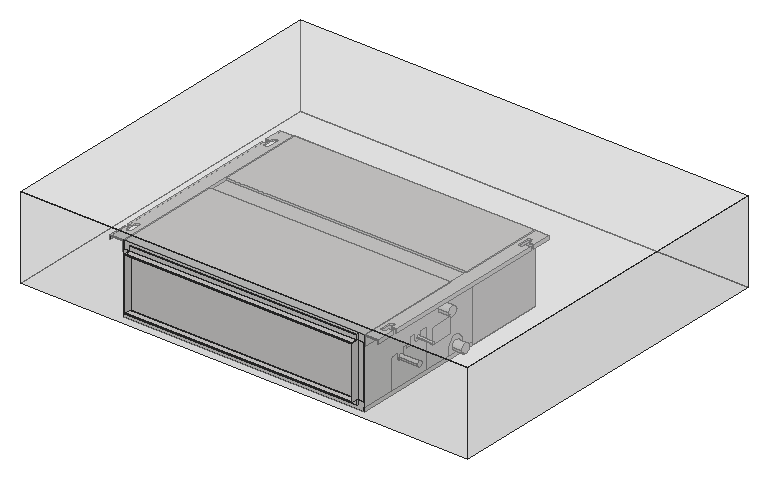
Revit family "outputfile", category 機械設備, Revit 2024
Family settings
  丸型コネクタ寸法 = 半径を使用
  パーツ タイプ = 標準
  OmniClass 番号 = 23.75.10.24.21.27.27
  OmniClass タイトル = Split System Air Conditioning Units
  作業面ベース = いいえ
  常に垂直 = はい
  ロード時にボイドで切り取り = いいえ
  注釈の向きを維持 = いいえ
  共有 = いいえ
  部屋計算ポイント = はい
Parameters (values of type "FXDQ20PDVM")
  書き出し IFC クラス(タイプ) = "IfcUnitaryEquipmentType"
  定義済み IFC タイプ(タイプ) = "AIRCONDITIONINGUNIT"
  ld_powersupply = Depth / 2  # 310.0 mm
  製造元 = "Daikin"
  モデル = "FXDQ20PDVM"
  r_Liquid Pipe Size = Liquid Pipe Size / 2  # 3.2 mm
  r_Gas Pipe Size = Gas Pipe Size / 2  # 6.35 mm
  r_Drain Pipe Size = Drain Pipe Size / 2  # 13.0 mm
  lw_powersupply = 50.0 mm  # constant formula
  lw_ductflange2 = 620.0 mm
  lw_Width = 660.0 mm
  lh_suctionflange [instance] = 100.0 mm  # constant formula
  ld_suctionflange [instance] = if(Rear Connection_Return Air, 190.0 mm, 100.0 mm)  # 190.0 mm
  angle_vertical_RA [instance] = if(Rear Connection_Return Air, 90.00°, 0.00°)  # 90.00°
  angle horizontal_RA [instance] = if(Rear Connection_Return Air, 180.00°, 270.00°)  # 180.00°
  Voltage_comment_60Hz = "220-240"
  Voltage_comment_50Hz = "220-240"
  Voltage_60Hz = 220 V
  Voltage_50Hz = 220 V
  Supply Air Direction [instance] = yes
  Rear Connection_Return Air [instance] = not(Bottom Connection_Return Air)  # yes
  RA_length [instance] = if(Rear Connection_Return Air, 190.0 mm, 100.0 mm)  # 190.0 mm
  Phase_60Hz = 1
  Phase_50Hz = 1
  Minimum External Static Pressure = 10.00 Pa
  Minimum Circuit Amps_60Hz = 0.8 A
  Minimum Circuit Amps_50Hz = 0.8 A
  Maximum Fuse Amps_60Hz = 16.0 A
  Maximum Fuse Amps_50Hz = 16.0 A
  Maximum External Static Pressure = 30.00 Pa
  Material_Casing = DAIKIN_GalvanizedSteel_Casing_indoorunit
  lw_liquidpipe = 46.0 mm  # constant formula
  lw_gaspipe = 57.0 mm  # constant formula
  lw_mountinghole = 740.0 mm
  lw_drainpipe = 33.0 mm  # constant formula
  lh_powersupply = 150.0 mm  # constant formula
  lh_liquidpipe = 90.0 mm  # constant formula
  lh_gaspipe = 113.0 mm  # constant formula
  lh_mountinghole = Height  # 200.0 mm
  lh_drainpipe = 50.0 mm  # constant formula
  lh_antena = 1.0 mm  # constant formula
  ld_liquidpipe = 193.0 mm  # constant formula
  ld_gaspipe = 130.0 mm  # constant formula
  ld_mountinghole = 500.0 mm  # constant formula
  ld_drainpipe = 280.0 mm  # constant formula
  ld_controlbox = 626.0 mm  # constant formula
  h*** = 0.0 mm  # constant formula
  d_dischargeflange = 21.2 mm  # constant formula
  Width = 700.0 mm
  Version = "ver.1.0"
  Unit Type = "Duct_Slim"
  Unit Mass Weight = 23.00 kg
  Unit Designation [instance] = ""
  Uniclass2015Version = "Products v1.30"
  Uniclass2015Title = "Variable refrigerant flow units"
  Uniclass2015Code = "Pr_70_65_03_94"
  Total Heating Capacity [instance] = 0.000 kW
  Total Cooling Capacity [instance] = 0.000 kW
  Sound Pressure Level_L speed (dBA) = 29
  Sound Pressure Level_H speed (dBA) = 31
  Series = "VRV Fan Coil Unit"
  Sensible Cooling Capacity [instance] = 0.000 kW
  SA Duct Size Width = 660.0 mm
  SA Duct Size Height = 153.0 mm
  Refrigerant Type = "R410A"
  RA Duct Size Width = 580.0 mm
  RA Duct Size Height = 160.0 mm
  Power Input (Heating) = 0.067 kW
  Power Input (Cooling) = 0.086 kW
  Option Accessory 3 [instance] = ""
  Option Accessory 2 [instance] = ""
  Option Accessory 1 [instance] = ""
  Nominal Heating Capacity = 2.500 kW
  Nominal Cooling Capacity = 2.200 kW
  Minimum Airflow = 384.00 m³/h
  Median Airflow = 0.00 m³/h
  Maximum Airflow = 432.00 m³/h
  Load Classification = HVAC
  Liquid Pipe Size = 6.4 mm
  Link_Nested Family [instance] = ""
  IfcVersion = ""
  IfcExportType = "AIRCONDITIONINGUNIT"
  IfcExportAs = "IfcUnitaryEquipmentType"
  Height = 200.0 mm
  Heating Entering Wet Bulb Temperature [instance] = 0.00 °C
  Heating Entering Dry Bulb Temperature [instance] = 0.00 °C
  Heating Ambient Wet Bulb Temperature [instance] = 0.00 °C
  Heating Ambient Dry Bulb Temperature [instance] = 0.00 °C
  Heat Exchanger Type = "Cross Fin Coil"
  Gas Pipe Size = 12.7 mm
  Frequency_60Hz = 60 Hz
  Frequency_50Hz = 50 Hz
  Fan Type = "Sirocco Fan"
  Fan Drive = "Direct Drive"
  FCU Tag No. [instance] = ""
  Drain Pipe Size = 26.0 mm
  Design Supply Airflow [instance] = 0.00 m³/h
  Design Return Airflow [instance] = 0.00 m³/h
  Design External Static Pressure [instance] = 0.00 Pa
  Depth = 620.0 mm
  既定の高さ = 0.0 mm
  Cooling Entering Wet Bulb Temperature [instance] = 0.00 °C
  Cooling Entering Dry Bulb Temperature [instance] = 0.00 °C
  Cooling Ambient Wet Bulb Temperature [instance] = 0.00 °C
  Cooling Ambient Dry Bulb Temperature [instance] = 0.00 °C
  Clearance visibility [instance] = yes
  Clearance Top = 20.0 mm
  Clearance Right = 300.0 mm
  Clearance Rear = 400.0 mm
  Clearance Left = 300.0 mm
  Clearance Front = 0.0 mm
  Clearance Bottom = 20.0 mm
  Bottom Connection_Return Air [instance] = no
Reference planes
  plane 1 "Center (Front/Back)": y = 0
  plane 2: z = 0
  plane 3 "Center (Left/Right)": x = 0
  plane 4 "Back": y = 310
  plane 5 "Front": y = -310
  plane 6 "Left": x = -350
  plane 7 "Right": x = 350
  plane 8 "Top": z = 0
  plane 9 "Bottom": z = -200
  plane 10: x = -370
  plane 11: x = 370
  plane 12: y = 250
  plane 13: z = 0
  plane 14 "Clearance Left": x = -650
  plane 15 "Clearance Right": x = 650
  plane 16 "Clearance Rear": y = 710
  plane 17 "Clearance Front": y = -310
  plane 18 "Clearance Top": z = 20
  plane 19 "Clearance Bottom": z = -220
  plane 20: y = -250
  plane 21: z = -21
  plane 22: z = -97.5
  plane 23: x = -40
  plane 24: y = 120
  plane 25: z = -100
  plane 26: y = -180
  plane 27: z = -113
  plane 28: y = -117
  plane 29: z = -90
  plane 30: y = 20
  plane 31: z = -170
  plane 32: x = 407
  plane 33: x = 396
  plane 34: x = 380
  plane 35: x = 300
  plane 36: z = -150
  plane 37: y = -30
  plane 38: z = -50
  plane 39: x = 383
Forms (mm)
  Extrusion 1, solid, material "DAIKIN_GalvanizedSteel_Casing_indoorunit" <- "Material_Casing"
    sketch origin (0, 0, 0) x (1, 0, 0) y (0, 1, 0)
      loop
        line (-350, -310) -> (350, -310) -> (350, 310) -> (-350, 310) -> (-350, -310)
    from -200 to 0
  Extrusion 2, void
    sketch origin (0, 0, 1) x (1, 0, 0) y (0, 1, 0)
      loop
        line (-350, 61.5) -> (-350, 3.5) -> (350, 3.5) -> (350, 61.5) -> (-350, 61.5)
    from -1 to -7
  Extrusion 3, solid, material "DAIKIN_GalvanizedSteel_Casing_indoorunit" <- "Material_Casing", visible <- "Bottom Connection_Return Air"
    sketch origin (0, 0, 0) x (1, 0, 0) y (0, 0, 1)
      loop
        line (-330, -180) -> (250, -180) -> (250, -20) -> (-330, -20) -> (-330, -180)
    from -310 to -309
  Extrusion 4, solid, material "DAIKIN_GalvanizedSteel_Casing_indoorunit" <- "Material_Casing", visible <- "Rear Connection_Return Air"
    sketch origin (0, 0, 0) x (1, 0, 0) y (0, 1, 0)
      loop
        line (-330, 290) -> (-330, 130) -> (250, 130) -> (250, 290) -> (-330, 290)
    from -200 to -199
  Extrusion 5, solid, material "DAIKIN_GalvanizedSteel_Casing_indoorunit" <- "Material_Casing"
    sketch origin (350, 0, 0) x (0, 1, 0) y (0, 0, 1)
      loop
        circle (-180, -113) r 6.35
    from 0 to 57
  Extrusion 6, solid, material "DAIKIN_GalvanizedSteel_Casing_indoorunit" <- "Material_Casing"
    sketch origin (350, 0, 0) x (0, 1, 0) y (0, 0, 1)
      loop
        circle (-117, -90) r 3.2
    from 0 to 46
  Extrusion 7, solid, material "DAIKIN_GalvanizedSteel_Casing_indoorunit" <- "Material_Casing"
    sketch origin (350, 0, 0) x (0, 1, 0) y (0, 0, 1)
      loop
        circle (20, -170) r 13
    from 0 to 30
  Extrusion 8, solid, material "DAIKIN_GalvanizedSteel_Casing_indoorunit" <- "Material_Casing"
    sketch origin (350, 0, 0) x (0, 1, 0) y (0, 0, 1)
      loop
        line (-310, -200) -> (78.6, -200) -> (78.6, -193)
        arc (78.6, -193) -> (77.721, -190.879) -> (75.6, -190) r 3
        line (75.6, -190) -> (-310, -190) -> (-310, -200)
    from 0 to -1
  Extrusion 9, solid, material "DAIKIN_GalvanizedSteel_Casing_indoorunit" <- "Material_Casing"
    sketch origin (350, 0, 0) x (0, 1, 0) y (0, 0, 1)
      loop
        line (-211.008, -190) -> (-86.594, -190) -> (-86.594, -80) -> (-105, -80) -> (-105, -90)
        arc (-105, -90) -> (-117, -102) -> (-129, -90) r 12
        line (-129, -90) -> (-129, -80) -> (-140.087, -80) -> (-140.087, -103.199) -> (-158.085, -103.199) -> (-158.085, -95.501) -> (-166.014, -95.501) -> (-166.014, -112.698) -> (-168.672, -112.698)
        arc (-168.672, -112.698) -> (-179.849, -124.331) -> (-191.332, -113) r 11.332
        line (-191.332, -113) -> (-191.332, -103.001) -> (-211.008, -103.001) -> (-211.008, -190)
    from 0 to -1
  Extrusion 10, solid, material "DAIKIN_GalvanizedSteel_Casing_indoorunit" <- "Material_Casing"
    sketch origin (350, 0, 0) x (0, 1, 0) y (0, 0, 1)
      loop
        arc (44.5, -170) -> (20, -145.5) -> (-4.5, -170) r 24.5
        line (-4.5, -170) -> (-4.5, -190) -> (44.5, -190) -> (44.5, -170)
    from 0 to -1
  Extrusion 11, solid, material "DAIKIN_GalvanizedSteel_Casing_indoorunit" <- "Material_Casing"
    sketch origin (350, 0, 0) x (0, 1, 0) y (0, 0, 1)
      loop
        arc (86.6, -22) -> (84.479, -22.879) -> (83.6, -25) r 3
        line (83.6, -25) -> (83.6, -194.5)
        arc (83.6, -194.5) -> (84.479, -196.621) -> (86.6, -197.5) r 3
        line (86.6, -197.5) -> (307, -197.5)
        arc (307, -197.5) -> (309.121, -196.621) -> (310, -194.5) r 3
        line (310, -194.5) -> (310, -25)
        arc (310, -25) -> (309.121, -22.879) -> (307, -22) r 3
        line (307, -22) -> (86.6, -22)
    from 0 to -1
  Extrusion 12, solid, material "DAIKIN_GalvanizedSteel_Casing_indoorunit" <- "Material_Casing"
    sketch origin (350, 475, 0) x (0, 1, 0) y (0, 0, 1)
      loop
        circle (-505, -50) r 13
    from 0 to 33
  Extrusion 13, solid, material "DAIKIN_GalvanizedSteel_Casing_indoorunit" <- "Material_Casing"
    sketch origin (350, 0, 75) x (0, 1, 0) y (0, 0, 1)
      loop
        line (-62, -165) -> (-62, -211) -> (2, -211) -> (2, -165) -> (-62, -165)
    from 0 to -1
Cuts and joins
  Extrusion 2 cuts Extrusion 1
Dimensions and locks
  "Height": plane 8 "Top" to plane 9 "Bottom"
  equal spacing: plane 10, plane 3 "Center (Left/Right)", plane 11
  "lw_mountinghole": plane 10 to plane 11
  equal spacing: plane 6 "Left", plane 3 "Center (Left/Right)", plane 7 "Right"
  "Width": plane 6 "Left" to plane 7 "Right"
  "Clearance Right": plane 7 "Right" to plane 15 "Clearance Right"
  "Clearance Left": plane 14 "Clearance Left" to plane 6 "Left"
  "Clearance Rear": plane 16 "Clearance Rear" to plane 4 "Back"
  "Clearance Front": plane 5 "Front" to plane 17 "Clearance Front"
  "Clearance Top": plane 18 "Clearance Top" to plane 8 "Top"
  "Clearance Bottom": plane 9 "Bottom" to plane 19 "Clearance Bottom"
  "Depth": plane 4 "Back" to plane 5 "Front"
  equal spacing: plane 4 "Back", plane 1 "Center (Front/Back)", plane 5 "Front"
  locked: plane 20 to plane 5 "Front" at 60
  "ld_mountinghole": plane 12 to plane 20
  locked: plane 8 "Top" to plane 21 at 21
  locked: plane 23 to plane 3 "Center (Left/Right)" at 40
  "ld_suctionflange": plane 4 "Back" to plane 24
  "lh_suctionflange": plane 8 "Top" to plane 25
  "ld_gaspipe": plane 26 to plane 5 "Front"
  "lh_gaspipe": plane 8 "Top" to plane 27
  "ld_liquidpipe": plane 28 to plane 5 "Front"
  "lh_liquidpipe": plane 8 "Top" to plane 29
  locked: plane 30 to plane 5 "Front" at 330
  locked: plane 8 "Top" to plane 31 at 170
  "lw_gaspipe": plane 7 "Right" to plane 32
  "lw_liquidpipe": plane 7 "Right" to plane 33
  locked: plane 7 "Right" to plane 34 at 30
  "lw_powersupply": plane 35 to plane 7 "Right"
  "lh_powersupply": plane 8 "Top" to plane 36
  "ld_drainpipe": plane 37 to plane 5 "Front"
  "lh_drainpipe": plane 8 "Top" to plane 38
  "lw_drainpipe": plane 7 "Right" to plane 39
  equal spacing: Extrusion 13 sketch curve, plane 37, Extrusion 13 sketch curve
  locked: Extrusion 13 sketch curve to Extrusion 13 sketch curve at 64
  locked: Extrusion 13 sketch curve to Extrusion 13 sketch curve at 46
  locked: Extrusion 13 sketch curve to plane 9 "Bottom" at 64
  "r_Gas Pipe Size": radius of Extrusion 5 sketch curve
  "r_Liquid Pipe Size": radius of Extrusion 6 sketch curve
  radius of Extrusion 7 sketch curve = 13.0 mm
  "r_Drain Pipe Size": radius of Extrusion 12 sketch curve
  aligned and locked: level to plane 2
  aligned and locked: Extrusion 1 to plane 9 "Bottom"
  aligned and locked: plane 8 "Top" to Extrusion 1
  aligned and locked: plane 11 to nested 2
  aligned and locked: plane 10 to nested 3
  aligned and locked: plane 10 to nested 4
  aligned and locked: plane 8 "Top" to Extrusion 2
  aligned and locked: plane 9 "Bottom" to Extrusion 4  (x2)
  aligned and locked: plane 7 "Right" to cut or joined group of Extrusion 1, Extrusion 2  (x2)
  aligned and locked: plane 3 "Center (Left/Right)" to nested 9
  aligned and locked: plane 6 "Left" to nested 7
  aligned and locked: plane 8 "Top" to nested 9
  aligned and locked: plane 11 to nested 1
  aligned and locked: nested 6 to plane 1 "Center (Front/Back)"
  aligned and locked: plane 3 "Center (Left/Right)" to nested 6
  aligned and locked: level to plane 8 "Top"
  aligned and locked: plane 1 "Center (Front/Back)" to nested 9
  aligned and locked: plane 5 "Front" to nested 10
  aligned and locked: Extrusion 1 sketch curve to plane 5 "Front"
  aligned and locked: plane 21 to nested 10
  aligned and locked: nested 5 to plane 5 "Front"
  aligned and locked: plane 3 "Center (Left/Right)" to nested 5
  aligned and locked: plane 22 to nested 5
  aligned and locked: Extrusion 2 sketch curve to plane 6 "Left"
  aligned and locked: plane 7 "Right" to Extrusion 2 sketch curve
  aligned and locked: nested 11 to plane 23
  aligned and locked: nested 11 to plane 24
  aligned and locked: plane 27 to Extrusion 5 sketch curve
  aligned and locked: plane 26 to Extrusion 5 sketch curve
  aligned and locked: plane 28 to Extrusion 6 sketch curve
  aligned and locked: plane 29 to Extrusion 6 sketch curve
  aligned and locked: plane 31 to Extrusion 7 sketch curve
  aligned and locked: plane 30 to Extrusion 7 sketch curve
  aligned and locked: plane 26 to nested 12
  aligned and locked: nested 12 to plane 27
  aligned and locked: plane 32 to Extrusion 5
  aligned and locked: plane 32 to nested 12
  aligned and locked: plane 33 to Extrusion 6
  aligned and locked: plane 28 to nested 13
  aligned and locked: nested 13 to plane 29
  aligned and locked: plane 33 to nested 13
  aligned and locked: plane 34 to Extrusion 7
  aligned and locked: plane 30 to nested 14
  aligned and locked: nested 14 to plane 31
  aligned and locked: plane 34 to nested 14
  aligned and locked: Extrusion 8 sketch curve to plane 9 "Bottom"
  aligned and locked: Extrusion 8 sketch curve to plane 5 "Front"
  aligned and locked: plane 14 "Clearance Left" to nested 15
  aligned and locked: plane 15 "Clearance Right" to nested 15
  aligned and locked: plane 16 "Clearance Rear" to nested 15
  aligned and locked: nested 15 to plane 17 "Clearance Front"
  aligned and locked: nested 15 to plane 18 "Clearance Top"
  aligned and locked: nested 15 to plane 19 "Clearance Bottom"
  aligned and locked: nested 16 to plane 35
  aligned and locked: nested 16 to plane 36
  aligned and locked: plane 4 "Back" to nested 16
  aligned and locked: plane 37 to Extrusion 12 sketch curve
  aligned and locked: plane 38 to Extrusion 12 sketch curve
  aligned and locked: plane 39 to Extrusion 12
  aligned and locked: Extrusion 4 sketch curve to nested 8  (x4)
  aligned and locked: Extrusion 3 sketch curve to nested 7  (x4)
Automatic sketch dimensions
  Extrusion 1 sketch curve to plane 4 "Back" = 0.0 mm
  Extrusion 1 sketch curve to plane 6 "Left" = 0.0 mm
  Extrusion 1 sketch curve to plane 7 "Right" = 0.0 mm
  Extrusion 2 sketch curve to plane 1 "Center (Front/Back)" = 3.5 mm
  plane 30 to Extrusion 2 sketch curve = 41.5 mm
  plane 9 "Bottom" to Extrusion 8 sketch curve = 7.0 mm
  Extrusion 8 sketch curve to plane 24 = 44.4 mm
  Extrusion 8 sketch curve to Extrusion 8 sketch curve = 3.0 mm
  Extrusion 9 sketch curve to plane 27 = 0.0 mm
  Extrusion 9 sketch curve to plane 26 = 0.0 mm
  Extrusion 9 sketch curve to plane 29 = 0.0 mm
  Extrusion 9 sketch curve to plane 28 = 0.0 mm
  Extrusion 9 sketch curve to Extrusion 9 sketch curve = 11.332 mm
  plane 9 "Bottom" to Extrusion 9 sketch curve = 10.0 mm
  Extrusion 9 sketch curve to plane 26 = 31.008 mm
  plane 27 to Extrusion 9 sketch curve = 0.302 mm
  Extrusion 9 sketch curve to Extrusion 9 sketch curve = 2.658 mm
  plane 22 to Extrusion 9 sketch curve = 1.999 mm
  Extrusion 9 sketch curve to Extrusion 9 sketch curve = 7.929 mm
  Extrusion 9 sketch curve to plane 25 = 3.199 mm
  Extrusion 9 sketch curve to Extrusion 9 sketch curve = 17.998 mm
  Extrusion 9 sketch curve to Extrusion 9 sketch curve = 11.087 mm
  plane 28 to Extrusion 9 sketch curve = 30.406 mm
  Extrusion 9 sketch curve to plane 25 = 3.001 mm
  plane 29 to Extrusion 9 sketch curve = 10.0 mm  (x2)
  Extrusion 10 sketch curve to plane 31 = 0.0 mm
  Extrusion 10 sketch curve to plane 30 = 0.0 mm
  plane 1 "Center (Front/Back)" to Extrusion 10 sketch curve = 4.5 mm
  plane 9 "Bottom" to Extrusion 10 sketch curve = 10.0 mm
  Extrusion 11 sketch curve to plane 4 "Back" = 0.0 mm
  Extrusion 11 sketch curve to Extrusion 11 sketch curve = 3.0 mm  (x2)
  Extrusion 11 sketch curve to plane 21 = 1.0 mm
  Extrusion 11 sketch curve to plane 4 "Back" = 3.0 mm
  Extrusion 11 sketch curve to plane 21 = 4.0 mm
  Extrusion 11 sketch curve to plane 24 = 33.4 mm
  plane 9 "Bottom" to Extrusion 11 sketch curve = 5.5 mm
Nested families
  nested 1: "daikin_mountinghole" at (370, 250, -200), l_antenna <- "lh_antena", Link_Nested Family <- "Link_Nested Family", h_mountinghole <- "lh_mountinghole", type "daikin_mountinghole"
    with show yes, l_antenna 1.0 mm, h_mountinghole 200.0 mm, Link_Nested Family ""
  nested 2: "daikin_mountinghole" at (370, -250, -200), Link_Nested Family <- "Link_Nested Family", l_antenna <- "lh_antena", h_mountinghole <- "lh_mountinghole", type "daikin_mountinghole"
    with show yes, l_antenna 1.0 mm, h_mountinghole 200.0 mm, Link_Nested Family ""
  nested 3: "daikin_mountinghole" at (-370, -250, -200), l_antenna <- "lh_antena", Link_Nested Family <- "Link_Nested Family", h_mountinghole <- "lh_mountinghole", type "daikin_mountinghole"
    with show yes, l_antenna 1.0 mm, h_mountinghole 200.0 mm, Link_Nested Family ""
  nested 4: "daikin_mountinghole" at (-370, 250, -200), l_antenna <- "lh_antena", Link_Nested Family <- "Link_Nested Family", h_mountinghole <- "lh_mountinghole", type "daikin_mountinghole"
    with show yes, l_antenna 1.0 mm, h_mountinghole 200.0 mm, Link_Nested Family ""
  nested 5: "daikin_connector_rotate2" at (0, -310, -97.5), length <- "d_dischargeflange", type "daikin_connector_rotate2"
    with radius 10.0 mm, length 21.2 mm, angle_vertical 90.00°, show_face no
  nested 6: "daikin_△_symbolicline" at (-75, -129.904, 200) x (-0.5, 0.866, 0) z (0, 0, 1), built-in parameter 1001364 <- "Height", visible <- "Supply Air Direction", type "daikin_△_symbolicline"
    with length 300.0 mm
  nested 7: "daikin_ductflange_FXDQ-PDVM_1" at (-40, 310, -100), visible <- "Rear Connection_Return Air", material <- "Material_Casing", width <- "lw_ductflange2", type "daikin_ductflange_FXDQ-PDVM_1"
    with width 620.0 mm, material DAIKIN_GalvanizedSteel_Casing_indoorunit, height 180.0 mm, depth 21.2 mm
  nested 8: "daikin_ductflange_FXDQ-PDVM_1" at (-40, 210, -200) x (1, 0, 0) z (0, 1, 0), visible <- "Bottom Connection_Return Air", material <- "Material_Casing", width <- "lw_ductflange2", type "daikin_ductflange_FXDQ-PDVM_1"
    with width 620.0 mm, material DAIKIN_GalvanizedSteel_Casing_indoorunit, height 180.0 mm, depth 21.2 mm
  nested 9: "daikin_hangerfixture_FXDQ-PDVM" at (0, 0, 0), type "daikin_hangerfixture_FXDQ-PDVM"
  nested 10: "daikin_ductflange_FXDQ-PDVM" at (0, 3.5, -364.201), width <- "lw_Width", material <- "Material_Casing", type "daikin_ductflange_FXDQ-PDVM"
    with width 660.0 mm, material DAIKIN_GalvanizedSteel_Casing_indoorunit, height 155.0 mm, depth 21.2 mm
  nested 11: "daikin_connector_rotate3" at (-40, 120, -100), length <- "RA_length", angle_vertical <- "angle_vertical_RA", angle_horizontal <- "angle horizontal_RA", type "daikin_connector_rotate3"
    with show no, radius 10.0 mm, length 190.0 mm, angle_vertical 90.00°, angle_horizontal 180.00°
  nested 12: "daikin_connector_rotate2" at (350, -180, -113) x (0, 1, 0) z (0, 0, 1), length <- "lw_gaspipe", radius <- "r_Gas Pipe Size", type "daikin_connector_rotate2"
    with radius 6.35 mm, length 57.0 mm, angle_vertical 90.00°, show_face no
  nested 13: "daikin_connector_rotate2" at (350, -117, -90) x (0, 1, 0) z (0, 0, 1), radius <- "r_Liquid Pipe Size", length <- "lw_liquidpipe", type "daikin_connector_rotate2"
    with radius 3.2 mm, length 46.0 mm, angle_vertical 90.00°, show_face no
  nested 14: "daikin_connector_rotate2" at (347, 20, -170) x (0, 1, 0) z (0, 0, 1), radius <- "r_Drain Pipe Size", length <- "lw_drainpipe", type "daikin_connector_rotate2"
    with radius 13.0 mm, length 33.0 mm, angle_vertical 90.00°, show_face no
  nested 15: "daikin_clearancespace" at (0, 200, -99.881), visible <- "Clearance visibility", Link_Nested Family <- "Link_Nested Family", show <- "Clearance visibility", type "daikin_clearancespace"
    with width 1300.0 mm, show yes, height 240.0 mm, depth 1020.0 mm, Link_Nested Family ""
  nested 16: "daikin_connector_rotate2" at (300, 0, -150) x (-1, 0, 0) z (0, 0, 1), length <- "ld_powersupply", type "daikin_connector_rotate2"
    with radius 10.0 mm, length 310.0 mm, angle_vertical 90.00°, show_face no
Connectors
  hvac at (0, -331.2, -97.5), driven by "SA Duct Size Height", driven by "SA Duct Size Width"
    settings: on nested 5, index 1, duct flow 0.00 m³/h, flow factor 0, pres drop 0.00 Pa, loss coef 0, conn angle 0.00°, conn width 660.0 mm, conn height 153.0 mm, conn diameter 609.6 mm, duct sys type 1, conn prof type 1, flow config 0, flow direction 2, loss method 4, conn ref index -1, conn util no, is conn primary yes, conn desc "SA Duct"
  hvac at (-40, 310, -100), driven by "RA Duct Size Height", driven by "RA Duct Size Width"
    settings: on nested 11, index 2, duct flow 0.00 m³/h, flow factor 0, pres drop 0.00 Pa, loss coef 0, conn angle 0.00°, conn width 580.0 mm, conn height 160.0 mm, conn diameter 609.6 mm, duct sys type 2, conn prof type 1, flow config 0, flow direction 1, loss method 4, conn ref index -1, conn util no, is conn primary no, conn desc "RA Duct"
  piping at (407, -180, -113), diameter 12.7, driven by "r_Gas Pipe Size"
    settings: on nested 12, index 3, connector inside diameter 609.6 mm, connector length 0.0 mm, flow factor 0, pipe flow 0.00 m³/h, pressure drop 0.0 Pa, fitting loss kfactor 0, connector angle 0.00°, fixture units 0, engagement length 0.0 mm, angle of deflection 0.00°, flow configuration 1, flow direction 2, fitting loss method 0, system type 29, joint type 0, gender type 0, connector reference index -1, connector utility 0, adjustable connector no, is connector primary yes, connector description "Refrigerant Gas Piping"
  piping at (396, -117, -90), diameter 6.4, driven by "r_Liquid Pipe Size"
    settings: on nested 13, index 4, connector inside diameter 609.6 mm, connector length 0.0 mm, flow factor 0, pipe flow 0.00 m³/h, pressure drop 0.0 Pa, fitting loss kfactor 0, connector angle 0.00°, fixture units 0, engagement length 0.0 mm, angle of deflection 0.00°, flow configuration 1, flow direction 1, fitting loss method 0, system type 29, joint type 0, gender type 0, connector reference index -1, connector utility 0, adjustable connector no, is connector primary no, connector description "Refrigerant Liquid Piping"
  electrical at (300, 310, -150), driven by "Load Classification"
    settings: on nested 16, index 6, voltage 0 V, apparent load 0 VA, apparent load phase1 0 VA, apparent load phase2 0 VA, apparent load phase3 0 VA, power factor 1, load classification "HVAC", number of poles 1, system type 30, power factor state 1, is connector primary yes, connector utility no, sub classification motor no, connector description "Power Supply"
  piping at (383, -30, -50), diameter 26, driven by "r_Drain Pipe Size"
    settings: on Extrusion 12, index 7, connector inside diameter 609.6 mm, connector length 0.0 mm, flow factor 0, pipe flow 0.00 m³/h, pressure drop 0.0 Pa, fitting loss kfactor 0, connector angle 0.00°, fixture units 0, engagement length 0.0 mm, angle of deflection 0.00°, flow configuration 1, flow direction 2, fitting loss method 4, system type 16, joint type 0, gender type 0, connector reference index -1, connector utility 0, adjustable connector no, is connector primary no, connector description "Condensate Drain Piping"
Definition of nested family "daikin_ductflange_FXDQ-PDVM_1"
  Parameters (values of type "daikin_ductflange_CDKM-PVM_1")
    width [instance] = 620.0 mm
    material [instance] = none
    height [instance] = 180.0 mm
    depth [instance] = 21.2 mm
    Default Elevation = 0.0 mm
  Reference planes
    plane 1 "Center (Front/Back)": y = 0
    plane 2: z = 0
    plane 3 "Center (Left/Right)": x = 0
    plane 4: x = -310
    plane 5: x = 310
    plane 6: z = 90
    plane 7: z = -90
    plane 8: z = 100
    plane 9: z = -100
    plane 10: x = -309
    plane 11: x = 309
  Forms (mm)
    Extrusion 1, solid, material <- "material"
      sketch origin (0, 0, 0) x (1, 0, 0) y (0, 0, 1)
        loop
          line (-290, 80) -> (-290, -80) -> (290, -80) -> (290, 80) -> (-290, 80)
        loop
          line (-309, -99) -> (309, -99) -> (309, 99) -> (-309, 99) -> (-309, -99)
      from 0 to 1
  Dimensions and locks
    equal spacing: plane 5, plane 3 "Center (Left/Right)", plane 4, locked at 310 each
    "width": plane 5 to plane 4
    equal spacing: plane 6, level, plane 7, locked at 90 each
    "height": plane 6 to plane 7
    equal spacing: plane 8, level, plane 9, locked at 100 each
    locked: plane 8 to plane 9 at 200
    plane 10 to plane 4 = 1.0 mm
    locked: plane 5 to plane 11 at 1
    locked: Extrusion 1 sketch curve to Extrusion 1 sketch curve at 19  (x4)
    locked: plane 8 to Extrusion 1 sketch curve at 1
    locked: Extrusion 1 sketch curve to plane 9 at 1
    aligned and locked: level to plane 2
  Automatic sketch dimensions
    plane 4 to Extrusion 1 sketch curve = 1.0 mm
    Extrusion 1 sketch curve to plane 5 = 1.0 mm
Definition of nested family "daikin_hangerfixture_FXDQ-PDVM"
  Parameters (values of type "daikin_hangerfixture_CDKS-EAVMA")
    width = 700.0 mm
    material = none
    height = 30.0 mm
    depth = 618.0 mm
    Default Elevation = 0.0 mm
  Reference planes
    plane 1 "Center (Front/Back)": y = 0
    plane 2: z = 0
    plane 3 "Center (Left/Right)": x = 0
    plane 4: x = 350
    plane 5: y = 309
    plane 6: y = -309
    plane 7: x = -350
    plane 8: z = -30
  Forms (mm)
    Extrusion 1, solid, material <- "material"
      sketch origin (0, 0, 0) x (1, 0, 0) y (0, 0, 1)
        loop
          line (350, 0) -> (350, -30) -> (352.3, -30) -> (352.3, -2.3) -> (387.7, -2.3) -> (387.7, -10) -> (390, -10) -> (390, 0) -> (350, 0)
      from -309 to 309
    Extrusion 2, void
      sketch origin (0, 0, 0) x (0, 1, 0) y (0, 0, 1)
        loop
          line (309, -30) -> (309, -17.979) -> (87.935, -17.979) -> (75.914, -30) -> (309, -30)
      from 0 to 450
    Extrusion 3, void
      sketch origin (0, 0, 0) x (1, 0, 0) y (0, 1, 0)
        loop
          line (390, -243.5) -> (377, -243.5) -> (377, -237)
          arc (377, -237) -> (370, -230) -> (363, -237) r 7
          line (363, -237) -> (363, -263)
          arc (363, -263) -> (370, -270) -> (377, -263) r 7
          line (377, -263) -> (377, -256.5) -> (390, -256.5) -> (390, -243.5)
        loop
          line (390, 243.5) -> (390, 256.5) -> (377, 256.5) -> (377, 263)
          arc (377, 263) -> (370, 270) -> (363, 263) r 7
          line (363, 263) -> (363, 237)
          arc (363, 237) -> (370, 230) -> (377, 237) r 7
          line (377, 237) -> (377, 243.5) -> (390, 243.5)
      from -254.96 to 618
    Extrusion 4, solid, material <- "material"
      sketch origin (0, 0, 0) x (-1, 0, 0) y (0, 0, -1)
        loop
          line (350, 0) -> (390, 0) -> (390, 10) -> (387.7, 10) -> (387.7, 2.3) -> (352.3, 2.3) -> (352.3, 30) -> (350, 30) -> (350, 0)
      from -309 to 309
    Extrusion 5, void
      sketch origin (0, 0, 0) x (-1, 0, 0) y (0, -1, 0)
        loop
          line (390, 243.5) -> (390, 256.5) -> (377, 256.5) -> (377, 263)
          arc (377, 263) -> (370, 270) -> (363, 263) r 7
          line (363, 263) -> (363, 237)
          arc (363, 237) -> (370, 230) -> (377, 237) r 7
          line (377, 237) -> (377, 243.5) -> (390, 243.5)
        loop
          line (390, -243.5) -> (377, -243.5) -> (377, -237)
          arc (377, -237) -> (370, -230) -> (363, -237) r 7
          line (363, -237) -> (363, -263)
          arc (363, -263) -> (370, -270) -> (377, -263) r 7
          line (377, -263) -> (377, -256.5) -> (390, -256.5) -> (390, -243.5)
      from -254.96 to 618
  Cuts and joins
    Extrusion 2, Extrusion 3, Extrusion 5 cuts Extrusion 1
    Extrusion 5 cuts Extrusion 4
  Dimensions and locks
    equal spacing: plane 5, plane 1 "Center (Front/Back)", plane 6
    "depth": plane 5 to plane 6
    plane 6 to plane 1 "Center (Front/Back)" to plane 5 = 309.0 mm, 309.0 mm
    equal spacing: plane 4, plane 3 "Center (Left/Right)", plane 7
    "width": plane 4 to plane 7
    "height": level to plane 8
    aligned and locked: level to plane 2
    aligned and locked: plane 5 to Extrusion 1
    aligned and locked: Extrusion 1 to plane 6
    aligned and locked: Extrusion 1 to plane 4
    aligned and locked: plane 5 to cut or joined group of Extrusion 1, Extrusion 2, Extrusion 3, Extrusion 5
    aligned and locked: cut or joined group of Extrusion 1, Extrusion 2, Extrusion 3, Extrusion 5 to plane 6
    aligned and locked: level to cut or joined group of Extrusion 1, Extrusion 2, Extrusion 3, Extrusion 5
    aligned and locked: cut or joined group of Extrusion 1, Extrusion 2, Extrusion 3, Extrusion 5 to plane 8
    aligned and locked: plane 5 to cut or joined group of Extrusion 4, Extrusion 5
    aligned and locked: cut or joined group of Extrusion 4, Extrusion 5 to plane 6
  Automatic sketch dimensions
    Extrusion 1 sketch curve to plane 4 = 0.0 mm
    Extrusion 1 sketch curve to plane 8 = 0.0 mm
    Extrusion 1 sketch curve to level = 0.0 mm
    plane 4 to Extrusion 1 sketch curve = 2.3 mm
    Extrusion 1 sketch curve to level = 2.3 mm
    Extrusion 1 sketch curve to Extrusion 1 sketch curve = 35.4 mm
    Extrusion 1 sketch curve to Extrusion 1 sketch curve = 2.3 mm
    Extrusion 1 sketch curve to Extrusion 1 sketch curve = 7.7 mm
    Extrusion 2 sketch curve to plane 8 = 0.0 mm
    Extrusion 2 sketch curve to plane 5 = 0.0 mm
    plane 8 to Extrusion 2 sketch curve = 12.021 mm
    Extrusion 2 sketch curve to plane 1 "Center (Front/Back)" = 87.935 mm
    Extrusion 2 sketch curve to Extrusion 2 sketch curve = 12.021 mm
    plane 4 to Extrusion 3 sketch curve = 13.0 mm  (x2)
    Extrusion 3 sketch curve to Extrusion 3 sketch curve = 7.0 mm  (x4)
    Extrusion 3 sketch curve to Extrusion 3 sketch curve = 13.0 mm  (x4)
    plane 6 to Extrusion 3 sketch curve = 46.0 mm
    Extrusion 3 sketch curve to Extrusion 3 sketch curve = 6.5 mm  (x4)
    Extrusion 3 sketch curve to plane 5 = 72.0 mm
    Extrusion 4 sketch curve to plane 7 = 0.0 mm
    Extrusion 4 sketch curve to plane 8 = 0.0 mm
    Extrusion 4 sketch curve to level = 0.0 mm
    Extrusion 4 sketch curve to plane 7 = 2.3 mm
    Extrusion 4 sketch curve to level = 2.3 mm
    Extrusion 4 sketch curve to Extrusion 4 sketch curve = 35.4 mm
    Extrusion 4 sketch curve to Extrusion 4 sketch curve = 2.3 mm
    Extrusion 4 sketch curve to Extrusion 4 sketch curve = 7.7 mm
    Extrusion 5 sketch curve to plane 7 = 13.0 mm  (x2)
    Extrusion 5 sketch curve to Extrusion 5 sketch curve = 7.0 mm  (x4)
    Extrusion 5 sketch curve to Extrusion 5 sketch curve = 13.0 mm  (x4)
    Extrusion 5 sketch curve to plane 5 = 46.0 mm
    Extrusion 5 sketch curve to Extrusion 5 sketch curve = 6.5 mm  (x4)
    plane 6 to Extrusion 5 sketch curve = 72.0 mm
Definition of nested family "daikin_ductflange_FXDQ-PDVM"
  Parameters (values of type "daikin_ductflange_CDKM-PVM")
    width [instance] = 660.0 mm
    material [instance] = none
    height [instance] = 155.0 mm
    depth [instance] = 21.2 mm
    Default Elevation = 0.0 mm
  Reference planes
    plane 1 "Center (Front/Back)": y = 0
    plane 2: z = 189.201
    plane 3 "Center (Left/Right)": x = 0
    plane 4: y = -313.5
    plane 5: x = -330
    plane 6: x = 330
    plane 7: y = -334.7
    plane 8: z = 344.201
    plane 9: z = 266.701
    plane 10: z = 343.201
    plane 11: z = 190.201
  Forms (mm)
    Extrusion 1, solid, material <- "material"
      sketch origin (0, 0, 189.201) x (1, 0, 0) y (0, 1, 0)
        loop
          line (-330, -334.7) -> (-330, -313.5) -> (-349, -313.5) -> (-349, -314.5) -> (-331, -314.5) -> (-331, -334.7) -> (-330, -334.7)
        loop
          line (330, -334.7) -> (331, -334.7) -> (331, -314.5) -> (349, -314.5) -> (349, -313.5) -> (330, -313.5) -> (330, -334.7)
      from 1 to 154
    Extrusion 2, solid, material <- "material"
      sketch origin (0, 0, 0) x (0, 1, 0) y (0, 0, 1)
        loop
          line (-313.5, 343.201) -> (-313.5, 358.201) -> (-314.5, 358.201) -> (-314.5, 344.201) -> (-334.7, 344.201) -> (-334.7, 343.201) -> (-313.5, 343.201)
        loop
          line (-313.5, 190.201) -> (-334.7, 190.201) -> (-334.7, 189.201) -> (-314.5, 189.201) -> (-314.5, 175.201) -> (-313.5, 175.201) -> (-313.5, 190.201)
      from -330 to 330
  Dimensions and locks
    plane 4 to plane 1 "Center (Front/Back)" = 313.5 mm
    "depth": plane 7 to plane 4
    equal spacing: plane 8, plane 9, level
    "height": plane 8 to level
    equal spacing: plane 6, plane 3 "Center (Left/Right)", plane 5
    "width": plane 6 to plane 5
    locked: plane 8 to plane 10 at 1
    locked: plane 11 to level at 1
    locked: Extrusion 1 to Extrusion 2 sketch curve at 1
    locked: Extrusion 2 sketch curve to Extrusion 1 at 1
    plane 10 to plane 11 = 153.0 mm
    aligned and locked: level to plane 2
    aligned and locked: Extrusion 2 to plane 5
    aligned and locked: Extrusion 2 to plane 11
    aligned and locked: Extrusion 2 to plane 10
    aligned and locked: plane 6 to Extrusion 2
    aligned and locked: plane 5 to Extrusion 2  (x2)
    aligned and locked: plane 5 to Extrusion 1  (x2)
    aligned and locked: Extrusion 1 to plane 6
    aligned and locked: plane 6 to Extrusion 1
    aligned and locked: Extrusion 1 to plane 10
  Automatic sketch dimensions
    Extrusion 2 sketch curve to plane 7 = 0.0 mm  (x2)
    Extrusion 2 sketch curve to plane 4 = 0.0 mm  (x2)
    Extrusion 2 sketch curve to plane 11 = 0.0 mm
    Extrusion 2 sketch curve to plane 10 = 0.0 mm
    Extrusion 2 sketch curve to plane 4 = 1.0 mm  (x2)
    Extrusion 2 sketch curve to level = 14.0 mm
    plane 8 to Extrusion 2 sketch curve = 14.0 mm
    Extrusion 1 sketch curve to plane 4 = 0.0 mm  (x2)
    Extrusion 1 sketch curve to plane 7 = 0.0 mm  (x2)
    Extrusion 1 sketch curve to plane 5 = 0.0 mm
    Extrusion 1 sketch curve to plane 6 = 0.0 mm
    Extrusion 1 sketch curve to plane 5 = 1.0 mm
    Extrusion 1 sketch curve to Extrusion 1 sketch curve = 18.0 mm  (x2)
    Extrusion 1 sketch curve to Extrusion 1 sketch curve = 1.0 mm
    Extrusion 1 sketch curve to plane 4 = 1.0 mm  (x2)
Definition of nested family "daikin_clearancespace"
  Parameters (values of type "daikin_clearancespace")
    Description = "daikin_clearancespace"
    width [instance] = 1823.963 mm
    show [instance] = yes
    material = none
    height [instance] = 1359.762 mm
    depth [instance] = 880.0 mm
    Default Elevation = 0.0 mm
    Link_Nested Family [instance] = ""
  Reference planes
    plane 1 "Center (Front/Back)": y = 0
    plane 2 "Center (Elevation)": z = -0.119
    plane 3 "Center (Left/Right)": x = 0
    plane 4: y = 440
    plane 5: y = -440
    plane 6 "Right": x = 911.982
    plane 7 "Left": x = -911.982
    plane 8 "Top": z = 679.762
    plane 9 "Bottom": z = -680
  Forms (mm)
    Extrusion 1, solid, material <- "material", visible <- "show"
      sketch origin (0, 0, 0) x (1, 0, 0) y (0, 1, 0)
        loop
          line (-911.982, 440) -> (-911.982, -440) -> (911.982, -440) -> (911.982, 440) -> (-911.982, 440)
      from -680 to 679.762
  Lines and regions (mm)
    symbolic lines, visible <- "show"
      curve 1: line (911.982, 440, 0) -> (-911.982, 440, 0)
      curve 2: line (-911.982, 440, 0) -> (-911.982, -440, 0)
      curve 3: line (-911.982, -440, 0) -> (911.982, -440, 0)
      curve 4: line (911.982, -440, 0) -> (911.982, 440, 0)
      curve 5: line (911.982, 0, 679.762) -> (-911.982, 0, 679.762)
      curve 6: line (911.982, 0, -680) -> (911.982, 0, 679.762)
      curve 7: line (-911.982, 0, -680) -> (911.982, 0, -680)
      curve 8: line (-911.982, 0, 679.762) -> (-911.982, 0, -680)
      curve 9: line (0, 440, 679.762) -> (0, -440, 679.762)
      curve 10: line (0, -440, 679.762) -> (0, -440, -680)
      curve 11: line (0, 440, -680) -> (0, 440, 679.762)
      curve 12: line (0, -440, -680) -> (0, 440, -680)
  Dimensions and locks
    "width": plane 7 "Left" to plane 6 "Right"
    "depth": plane 4 to plane 5
    "height": plane 8 "Top" to plane 9 "Bottom"
    equal spacing: plane 7 "Left", plane 3 "Center (Left/Right)", plane 6 "Right"
    equal spacing: plane 4, plane 1 "Center (Front/Back)", plane 5
    equal spacing: plane 8 "Top", plane 2 "Center (Elevation)", plane 9 "Bottom"
    aligned and locked: level to plane 2 "Center (Elevation)"
    aligned and locked: Extrusion 1 sketch curve to plane 4
    aligned and locked: plane 7 "Left" to Extrusion 1 sketch curve
    aligned and locked: Extrusion 1 sketch curve to plane 5
    aligned and locked: Extrusion 1 sketch curve to plane 6 "Right"
    aligned and locked: plane 8 "Top" to Extrusion 1
    aligned and locked: curve 1 to Extrusion 1
    aligned and locked: curve 2 to Extrusion 1
    aligned and locked: curve 3 to Extrusion 1
    aligned and locked: curve 4 to Extrusion 1
    aligned and locked: curve 5 to Extrusion 1
    aligned and locked: curve 6 to Extrusion 1
    aligned and locked: curve 7 to Extrusion 1
    aligned and locked: curve 8 to Extrusion 1
    aligned and locked: curve 9 to Extrusion 1
    aligned and locked: curve 10 to Extrusion 1
    aligned and locked: curve 11 to Extrusion 1
    aligned and locked: curve 12 to Extrusion 1
    aligned and locked: Extrusion 1 to plane 9 "Bottom"
Definition of nested family "daikin_mountinghole"
  Parameters (values of type "daikin_mountinghole")
    Default Elevation = 1219.2 mm
    Type Comments = "mountinghole"
    show [instance] = yes
    material = none
    l_centerline = 100.0 mm
    l_antenna [instance] = 100.0 mm
    h_mountinghole [instance] = 0.0 mm
    d_circle = 30.0 mm
    Link_Nested Family [instance] = ""
  Reference planes
    plane 1 "Center (Front/Back)": y = 0
    plane 2: z = 0
    plane 3 "Center (Left/Right)": x = 0
    plane 4: y = 50
    plane 5: x = -50
    plane 6: x = 50
    plane 7: y = -50
    plane 8 "h_mountinghole": z = 0
    plane 9: z = 100
  Lines and regions (mm)
    model lines, detail levels fine
      curve 1: circle (0, 0, 0) r 15 normal (0, 0, 1)
      curve 2: line (-50, 0, 0) -> (50, 0, 0)
      curve 3: line (0, 50, 0) -> (0, -50, 0)
    symbolic lines, detail levels fine
      curve 4: circle (0, 0, 0) r 15 normal (0, 0, 1)
      curve 5: line (-50, 0, 0) -> (50, 0, 0)
      curve 6: line (0, 50, 0) -> (0, -50, 0)
    model lines
      curve 7: line (0, 0, 100) -> (0, 0, 0)
  Dimensions and locks
    equal spacing: plane 4, plane 1 "Center (Front/Back)", plane 7
    "l_centerline": plane 4 to plane 7
    equal spacing: plane 5, plane 3 "Center (Left/Right)", plane 6
    "l_centerline": plane 5 to plane 6
    "l_antenna": plane 9 to plane 8 "h_mountinghole"
    "h_mountinghole": plane 8 "h_mountinghole" to plane 2
    "d_circle": diameter of curve 1
    "d_circle": diameter of curve 4
    aligned and locked: level to plane 2
    aligned and locked: plane 1 "Center (Front/Back)" to curve 1
    aligned and locked: plane 3 "Center (Left/Right)" to curve 1
    aligned and locked: plane 1 "Center (Front/Back)" to curve 2
    aligned and locked: curve 3 to plane 3 "Center (Left/Right)"
    aligned and locked: plane 6 to curve 2
    aligned and locked: plane 5 to curve 2
    aligned and locked: plane 4 to curve 3
    aligned and locked: plane 7 to curve 3
    aligned and locked: plane 1 "Center (Front/Back)" to curve 4
    aligned and locked: plane 3 "Center (Left/Right)" to curve 4
    aligned and locked: plane 6 to curve 5
    aligned and locked: plane 5 to curve 5
    aligned and locked: plane 1 "Center (Front/Back)" to curve 5
    aligned and locked: plane 4 to curve 6
    aligned and locked: plane 7 to curve 6
    aligned and locked: curve 6 to plane 3 "Center (Left/Right)"
    aligned and locked: curve 7 to plane 3 "Center (Left/Right)"
    aligned and locked: plane 9 to curve 7
    aligned and locked: plane 8 "h_mountinghole" to curve 7
Definition of nested family "daikin_connector_rotate2"
  Parameters (values of type "daikin_connector_rotate2")
    show_face = yes
    radius [instance] = 10.0 mm
    length [instance] = 600.0 mm
    d_surface = 10.0 mm
    angle_vertical [instance] = 90.00°
    Default Elevation = 0.0 mm
  Reference planes
    plane 1 "Center (Front/Back)": y = 0
    plane 2: z = 0
    plane 3 "Center (Left/Right)": x = 0
  Forms (mm)
    Extrusion 1, solid, visible <- "show_face"
      sketch origin (0, -600, 0) x (1, 0, 0) y (0, 0, 1)
        loop
          circle (0, 0) r 10
      from 0 to -10
  Lines and regions (mm)
    reference lines
      curve 1: line (0, 0, 0) -> (0, -600, 0)
    symbolic lines
      curve 2: circle (0, 0, 0) r 5 normal (0, 0, 1)
    model lines, visible <- "show_face"
      curve 3: line (0, 0, 0) -> (0, -600, 0)
  Dimensions and locks
    "length": curve 1 to curve 1
    "length": curve 3 to curve 3
    "d_surface": Extrusion 1 to Extrusion 1
    "radius": radius of Extrusion 1 sketch curve
    "angle_vertical": angle curve 1 to plane 1 "Center (Front/Back)"
    "angle_vertical": angle curve 3 to plane 1 "Center (Front/Back)"
    aligned and locked: level to plane 2
    aligned and locked: plane 1 "Center (Front/Back)" to curve 1
    aligned and locked: plane 2 to curve 1
    aligned and locked: plane 1 "Center (Front/Back)" to curve 2
    aligned and locked: plane 3 "Center (Left/Right)" to curve 2
    aligned and locked: plane 1 "Center (Front/Back)" to curve 3
    aligned and locked: plane 2 to curve 3
    aligned and locked: Extrusion 1 to Extrusion 1
  Automatic sketch dimensions
    Extrusion 1 sketch curve to level = 0.0 mm
    Extrusion 1 sketch curve to plane 3 "Center (Left/Right)" = 0.0 mm
    radius of curve 2 = 5.0 mm
Definition of nested family "daikin_△_symbolicline"
  Parameters (values of type "daikin_△_symbolicline")
    length [instance] = 500.0 mm
    Default Elevation = 0.0 mm
  Reference planes
    plane 1 "Center (Front/Back)": y = 0
    plane 2: z = 0
    plane 3 "Center (Left/Right)": x = 0
  Lines and regions (mm)
    symbolic lines
      curve 1: line (0, -433.013, 0) -> (250, 0, 0)
      curve 2: line (250, 0, 0) -> (-250, 0, 0)
      curve 3: line (-250, 0, 0) -> (0, -433.013, 0)
  Dimensions and locks
    equal spacing: curve 3, plane 3 "Center (Left/Right)", curve 2
    "length": curve 3 to curve 2
    "length": curve 3 to curve 3
    "length": curve 1 to curve 1
    aligned and locked: level to plane 2
    aligned and locked: curve 2 to plane 1 "Center (Front/Back)"
    aligned and locked: plane 3 "Center (Left/Right)" to curve 3
Definition of nested family "daikin_connector_rotate3"
  Parameters (values of type "daikin_connector_rotate3")
    Default Elevation = 1219.2 mm
    show [instance] = yes
    radius [instance] = 10.0 mm
    length [instance] = 600.0 mm
    angle_horizontal [instance] = 60.00°
    angle_vertical [instance] = 90.00°
  Reference planes
    plane 1 "Center (Front/Back)": y = 0
    plane 2: z = 0
    plane 3 "Center (Left/Right)": x = 0
  Dimensions and locks
    "angle_horizontal": angle plane 3 "Center (Left/Right)" to nested 1
    aligned and locked: level to plane 2
    aligned and locked: plane 1 "Center (Front/Back)" to nested 1  (x2)
    aligned and locked: plane 3 "Center (Left/Right)" to nested 1
  Nested families
    nested 1: "daikin_connector_rotate2" at (0, 0, 0) x (0.5, 0.866, 0) z (0, 0, 1), angle_vertical <- "angle_vertical", length <- "length", radius <- "radius", type "daikin_connector_rotate2"
      with radius 10.0 mm, length 600.0 mm, angle_vertical 90.00°
  Definition of nested family "daikin_connector_rotate2"
    Parameters (values of type "daikin_connector_rotate2")
      show_face = yes
      radius [instance] = 10.0 mm
      length [instance] = 600.0 mm
      d_surface = 10.0 mm
      angle_vertical [instance] = 90.00°
      Default Elevation = 0.0 mm
    Reference planes
      plane 1 "Center (Front/Back)": y = 0
      plane 2: z = 0
      plane 3 "Center (Left/Right)": x = 0
    Forms (mm)
      Extrusion 1, solid, visible <- "show_face"
        sketch origin (0, -600, 0) x (1, 0, 0) y (0, 0, 1)
          loop
            circle (0, 0) r 10
        from 0 to -10
    Lines and regions (mm)
      reference lines
        curve 1: line (0, 0, 0) -> (0, -600, 0)
      symbolic lines
        curve 2: circle (0, 0, 0) r 5 normal (0, 0, 1)
      model lines, visible <- "show_face"
        curve 3: line (0, 0, 0) -> (0, -600, 0)
    Dimensions and locks
      "length": curve 1 to curve 1
      "length": curve 3 to curve 3
      "d_surface": Extrusion 1 to Extrusion 1
      "radius": radius of Extrusion 1 sketch curve
      "angle_vertical": angle curve 1 to plane 1 "Center (Front/Back)"
      "angle_vertical": angle curve 3 to plane 1 "Center (Front/Back)"
      aligned and locked: level to plane 2
      aligned and locked: plane 1 "Center (Front/Back)" to curve 1
      aligned and locked: plane 2 to curve 1
      aligned and locked: plane 1 "Center (Front/Back)" to curve 2
      aligned and locked: plane 3 "Center (Left/Right)" to curve 2
      aligned and locked: plane 1 "Center (Front/Back)" to curve 3
      aligned and locked: plane 2 to curve 3
      aligned and locked: Extrusion 1 to Extrusion 1
    Automatic sketch dimensions
      Extrusion 1 sketch curve to level = 0.0 mm
      Extrusion 1 sketch curve to plane 3 "Center (Left/Right)" = 0.0 mm
      radius of curve 2 = 5.0 mm
